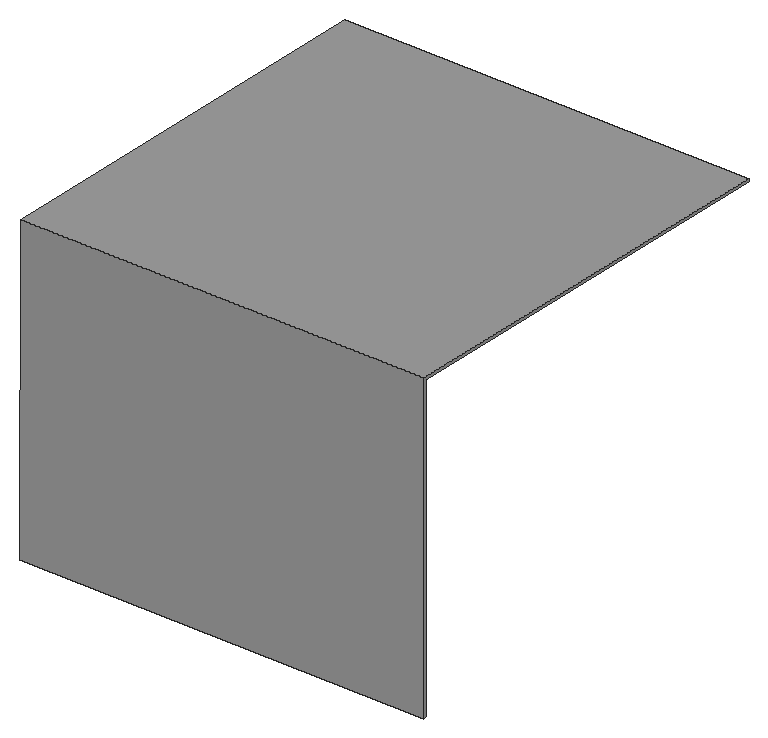
Revit family "99c1b0e8-695e-4bba-bbf6-48cd0bbb0c31", category Generic Models, Revit 2012
Parameters (values of type "As Specified")
  Unit Width = 0' - 8"
  Unit Height = 0' - 6"
  Unit Depth = 0' - 8 1/16"
  URL = "http://www.hyload.com/"
  Thickness = 0' - 0 1/16"
  Specification = "http://www.arcat.com/sdspecs/htm04/07_65_00hyl.htm"
  Sales Information = "http://www.hyload.com/contact-us"
  Revision = "R1_12-2015"
  Product Properties = "http://www.hyload.com/masonry-flashing/preformed-shapes/"
  Product Data = "http://www.arcat.com/arcatcos/cos33/arc33176.html"
  Model = "Exterior Corner Cap"
  Manufacturer Website = "http://www.hyload.com/"
  Manufacturer Phone - Toll Free = "800-457-4056"
  Manufacturer Phone = "330-769-3546"
  Manufacturer Fax = "330-769-4153"
  Manufacturer Address = "5020 Panther Pkwy., Seville, OH 44273"
  Manufacturer = "Hyload"
  Keynote = "07 65 00"
  Flashing Material = Hyload Flashing Membrane - Grey
  Drawn By = "Robert S. Weygant / Sumex Design"
  Description = "Preformed Hyload Masonry Flashing - Exterior Corner Cap"
  Copyright = "(c) ARCAT, Inc, 2015"
  Construction Details = "http://www.arcat.com/details/hyload/hyload.html?coid=33176"
  Assembly Code = "B3010400"
Reference planes (in)
  plane 1 "Center (Front/Back)": y = 0
  plane 2: z = 0
  plane 3 "Center (Left/Right)": x = 0
  plane 4: y = 8.0625
  plane 5: x = 8
  plane 6 "Top": z = 6
Forms (in)
  Extrusion 1, solid, material "Hyload Flashing Membrane - Grey" <- "Flashing Material"
    sketch origin (0, 0, 6) x (-1, 0, 0) y (0, -1, 0)
      loop
        line (0, -8.0625) -> (0, 0) -> (-8, 0) -> (-8, -8.0625) -> (0, -8.0625)
    from 0 to 0.0625 <- "Thickness"
  Extrusion 2, solid, material "Hyload Flashing Membrane - Grey" <- "Flashing Material"
    sketch origin (0, 0, 0) x (1, 0, 0) y (0, 1, 0)
      loop
        line (0, 8.0625) -> (0, 0) -> (8, 0) -> (8, 0.0625) -> (0.0625, 0.0625) -> (0.0625, 8.0625) -> (0, 8.0625)
    from 0 to 6 <- "Unit Height"
Cuts and joins
  joined: Extrusion 1, Extrusion 2
Dimensions and locks (in)
  "Unit Depth": plane 1 "Center (Front/Back)" to plane 4
  "Unit Width": plane 3 "Center (Left/Right)" to plane 5
  "Unit Height": plane 6 "Top" to level
  "Thickness": plane 1 "Center (Front/Back)" to Extrusion 2 sketch curve
  "Thickness": plane 3 "Center (Left/Right)" to Extrusion 2 sketch curve
  plane 3 "Center (Left/Right)" to Extrusion 2 = 0' - 8"
  aligned and locked: plane 2 to level
  aligned and locked: Extrusion 1 sketch curve to plane 4
  aligned and locked: plane 3 "Center (Left/Right)" to Extrusion 1 sketch curve
  aligned and locked: Extrusion 1 sketch curve to plane 1 "Center (Front/Back)"
  aligned and locked: Extrusion 1 sketch curve to plane 5
  aligned and locked: plane 4 to Extrusion 2 sketch curve
  aligned and locked: Extrusion 2 sketch curve to plane 3 "Center (Left/Right)"
  aligned and locked: plane 1 "Center (Front/Back)" to Extrusion 2 sketch curve
  aligned and locked: plane 5 to Extrusion 2 sketch curve
  aligned and locked: Extrusion 2 to level
